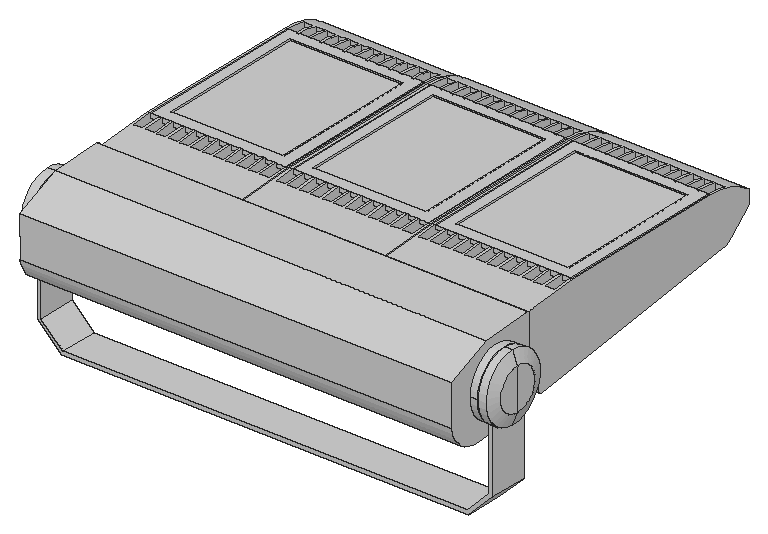
Revit family "0049121 Feilo Sylvania Lighting Fixture SYLVEO LED 20000LM NAR 3K", category Lighting Fixtures, host Face, Revit 2017
Family settings
  Host = Face
  Round Connector Dimension = Use Diameter
  Part Type = Normal
  OmniClass Number = 23.80.70.00
  OmniClass Title = Lighting
  Cut with Voids When Loaded = No
  Light Source = No
  Shared = No
  Room Calculation Point = No
Parameters (values of type "0049121 SYLVEO LED 20000LM NAR 3K")
  Weight = "11.552 kg"
  Wattage Comments = ""
  WarrantyStartDate [instance] = "n/a"
  WarrantyGuarantorParts = "n/a"
  WarrantyDurationUnit = "n/a"
  WarrantyDurationParts = "n/a"
  WarrantyDescription = "n/a"
  Voltage = 230 V
  URL = "http://www.sylvania-lighting.com"
  TypeName = "SYLVEO LED 20000LM NAR 3K"
  TypeBody_FEILO = Sylveo Extra Large Body : 0049121 SYLVEO LED 20000LM NAR 3K
  Type Image = <None>
  Type Comments = "n/a"
  TiltAngle_FEILO [instance] = 0.00°
  StartAngle_FEILO [instance] = EndAngle_FEILO + 180.00°  # 270.00°
  SerialNumber [instance] = "n/a"
  Material_3_FEILO = none
  PowerFactor = 0
  PowerConsumption = "200.6 W"
  NominalLength = 496 mm
  NominalHeight = 392 mm
  NominalDepth = 98 mm
  Name = "SYLVEO LED 20000LM NAR 3K"
  ModelReference = Name  # "SYLVEO LED 20000LM NAR 3K"
  ModelNumber = "0049121"
  Model = Name  # "SYLVEO LED 20000LM NAR 3K"
  Material = "aluminium housing, glass diffuser"
  ManufacturerName = "Feilo Sylvania"
  Manufacturer = "Feilo Sylvania"
  LuminousEfficacy = "103.9 lm/W"
  LuminaireType = ""
  LightOutputRatio = "100"
  LampsType = Lamp  # "LED"
  LampNominalLuminous = "20834 lm"
  LampMacAdamStep = "6"
  LampColourTemperature = "3000 K"
  LampColourRenderingIndex = "70"
  Lamp = "LED"
  Keynote = "16500"
  InstallationDate [instance] = "n/a"
  InputVoltage = "100-240V~"
  InputNominalFrequency = "50 Hz"
  IngressProtection = "IP66"
  ImpactProtectionIndex = "IK08"
  IfcExportType = "IfcLightFixtureType"
  IfcExportAs = "IfcLightFixtureType"
  ExpectedLife = 50000
  EndAngle_FEILO [instance] = -TiltAngle_FEILO + 90.00°  # 90.00°
  ElectricShockClassification = "Class I"
  DurationUnit = "hours"
  DocumentationLiterature = "http://www.sylvania-lighting.com/product/en-int/products/0049121"
  DimmingControlOptions = "Non dimmable"
  Material_2_FEILO = none
  Description = "Exterior LED Floodlight, comes complete with a 1000mm cable and adjustable bracket, aluminium housing, clear glass diffuser, IP66, IK08, Class I, 3000K, Non-dimming, 20834lm, 201W, 104lm/W, 4800mA, CRI70, 30° beam angle, 50000hrs, (LxWxD) 98x496x392mm"
  Default Elevation = 1219.2 mm
  CreatedOn = "1/9/2018"
  CreatedBy = ""
  Cost = 0
  built-in parameter 1114216 [instance] = (empty or 0)
  ClassificationValue = "EF_70_80"
  ClassificationName = "Uniclass2015"
  Material_1_FEILO = Body-Sylvania-Sylveo
  BarCode [instance] = "n/a"
  AssetType = "Fixed"
  AssetIdentifier [instance] = "n/a"
  Assembly Code = "D5020200"
  Apparent Load = 200.6 VA
  Material_4_FEILO = none
Reference planes
  plane 1 "Center (Front/Back)": y = 0
  plane 2: z = 0
  plane 3 "Center (Left/Right)": x = 0
  plane 4: x = 248
  plane 5: x = -248
  plane 6: x = -243
  plane 7: x = 243
  plane 8: z = 121
  plane 9: z = 143
  plane 10: z = 99
  plane 11: z = 156
  plane 12: z = 86
  plane 13: x = -234
  plane 14: x = 234
  plane 15: z = 4
  plane 16: x = -238
  plane 17: x = 238
  plane 18: x = -213
  plane 19: x = 213
  plane 20: z = 25
  plane 21: y = 20
  plane 22: y = -20
Forms (mm)
  Revolve 1, solid, material "Body-Sylvania-Sylveo" <- "Material_1_FEILO"
    sketch origin (0, 0, 0) x (1, 0, 0) y (0, 0, 1)
      loop
        line (-234, 156) -> (-243, 156) -> (-248, 143) -> (-248, 121) -> (-234, 121) -> (-234, 156)
      loop
        line (234, 121) -> (248, 121) -> (248, 143) -> (243, 156) -> (234, 156) -> (234, 121)
      axis (-248, 121) -> (248, 121)
    angle from 360 to 0
  Extrusion 2, solid, material "Body-Sylvania-Sylveo" <- "Material_1_FEILO"
    sketch origin (0, 0, 0) x (1, 0, 0) y (0, 0, 1)
      loop
        line (213, 0) -> (238, 25) -> (238, 121) -> (234, 121) -> (234, 26.657) -> (211.343, 4) -> (-211.343, 4) -> (-234, 26.657) -> (-234, 121) -> (-238, 121) -> (-238, 25) -> (-213, 0) -> (213, 0)
    from -20 to 20
  Revolve 3, solid, not visible
    sketch origin (0, 0, 0) x (1, 0, 0) y (0, 0, 1)
      loop
        line (0, 143) -> (-50.437, 143) -> (-50.437, 121) -> (0, 121) -> (0, 143)
      axis (-50.437, 121) -> (0, 121)
    angle from 270 <- "StartAngle_FEILO" to 90 <- "EndAngle_FEILO"
Cuts and joins
  joined: Revolve 1, Extrusion 2
Dimensions and locks
  locked: plane 8 to plane 2 at 121
  equal spacing: plane 4, plane 3 "Center (Left/Right)", plane 5
  equal spacing: plane 7, plane 3 "Center (Left/Right)", plane 6
  locked: plane 6 to plane 5 at 5
  locked: plane 4 to plane 5 at 496
  equal spacing: plane 9, plane 8, plane 10
  locked: plane 9 to plane 10 at 44
  equal spacing: plane 11, plane 8, plane 12
  locked: plane 11 to plane 9 at 13
  equal spacing: plane 14, plane 3 "Center (Left/Right)", plane 13
  locked: plane 3 "Center (Left/Right)" to plane 13 at 234
  locked: plane 15 to plane 2 at 4
  equal spacing: plane 17, plane 3 "Center (Left/Right)", plane 16
  locked: plane 13 to plane 16 at 4
  locked: plane 20 to plane 2 at 25
  equal spacing: plane 19, plane 3 "Center (Left/Right)", plane 18
  locked: plane 18 to plane 16 at 25
  equal spacing: plane 22, plane 1 "Center (Front/Back)", plane 21
  locked: plane 22 to plane 21 at 40
  aligned and locked: plane 2 to host face
  aligned and locked: level to host face
  aligned and locked: plane 5 to Revolve 1 sketch curve  (x2)
  aligned and locked: Revolve 1 sketch curve to plane 13
  aligned and locked: plane 9 to Revolve 1 sketch curve  (x2)
  aligned and locked: plane 11 to Revolve 1 sketch curve
  aligned and locked: plane 6 to Revolve 1 sketch curve
  aligned and locked: plane 8 to Revolve 1 sketch curve  (x2)
  aligned and locked: plane 14 to Revolve 1 sketch curve
  aligned and locked: Revolve 1 sketch curve to plane 11
  aligned and locked: Revolve 1 sketch curve to plane 4
  aligned and locked: Revolve 1 sketch curve to Revolve 1 sketch curve  (x2)
  aligned and locked: plane 19 to Extrusion 2 sketch curve
  aligned and locked: level to Extrusion 2 sketch curve
  aligned and locked: plane 16 to Extrusion 2 sketch curve
  aligned and locked: plane 17 to Extrusion 2 sketch curve
  aligned and locked: Extrusion 2 sketch curve to plane 8
  aligned and locked: plane 8 to Extrusion 2 sketch curve
  aligned and locked: Extrusion 2 sketch curve to plane 14
  aligned and locked: Extrusion 2 sketch curve to plane 15
  aligned and locked: plane 13 to Extrusion 2 sketch curve
  aligned and locked: Extrusion 2 to plane 21
  aligned and locked: plane 22 to Extrusion 2
  aligned and locked: Revolve 3 sketch curve to plane 8  (x2)
  aligned and locked: plane 9 to Revolve 3 sketch curve
  aligned and locked: plane 3 "Center (Left/Right)" to Revolve 3 sketch curve
  aligned and locked: plane 3 "Center (Left/Right)" to nested 1
Automatic sketch dimensions
  host sketch curve to host sketch curve = 2438.4 mm  (x2)
  Revolve 1 sketch curve to plane 7 = 0 mm
  Revolve 1 sketch curve to plane 5 = 1276 mm
  plane 4 to Revolve 1 sketch curve = 1411.773 mm
  Extrusion 2 sketch curve to plane 18 = 0 mm
  Extrusion 2 sketch curve to plane 20 = 0 mm  (x2)
  plane 18 to Extrusion 2 sketch curve = 1.657 mm
  Extrusion 2 sketch curve to plane 19 = 1.657 mm
  Extrusion 2 sketch curve to plane 20 = 1.657 mm  (x2)
  Revolve 3 sketch curve to plane 3 "Center (Left/Right)" = 50.437 mm
  Revolve 3 sketch curve to plane 5 = 1276 mm
  plane 4 to Revolve 3 sketch curve = 1411.773 mm
Nested families
  nested 1: "Sylveo Extra Large Body" at (0, 0, 121), type <- "TypeBody_FEILO", type "0049121 SYLVEO LED 20000LM NAR 3K"
    with WarrantyStartDate "n/a", SerialNumber "n/a", InstallationDate "n/a", built-in parameter 1114216 (empty or 0), BarCode "n/a", AssetIdentifier "n/a"
Connectors
  electrical at (0, 0, 0), driven by "Apparent Load", driven by "PowerFactor", driven by "Voltage"
    settings: index 1, voltage 230 V, apparent load 200.6 VA, apparent load phase1 0 VA, apparent load phase2 0 VA, apparent load phase3 0 VA, power factor 0, load classification "Lighting", number of poles 1, system type 30, power factor state 1, is connector primary yes, connector utility no, sub classification motor no, connector description ""
Definition of nested family "Sylveo Extra Large Body"
  Parameters (values of type "0049147 SYLVEO LED 20000LM RASYM 4K DALI ")
    Weight = "11.516 kg"
    Wattage Comments = ""
    Wattage = 202 W
    WarrantyStartDate [instance] = "n/a"
    WarrantyGuarantorParts = "n/a"
    WarrantyDurationUnit = "n/a"
    WarrantyDurationParts = "n/a"
    WarrantyDescription = "n/a"
    built-in parameter 1150110 = 1 (stored number, unit not read)
    Voltage = 230 V
    URL = "http://www.feilosylvania.com"
    TypeName = "SYLVEO LED 20000LM RASYM 4K DALI"
    Type Image = (empty or 0)
    Type Comments = "n/a"
    built-in parameter 1114217 = 1 (stored number, unit not read)
    Tilt Angle = -90.00°
    built-in parameter 1150109 = 1 (stored number, unit not read)
    built-in parameter 1150134 = 12
    built-in parameter 1150113 = 1 (stored number, unit not read)
    SerialNumber [instance] = "n/a"
    Photometric Web File = "0049147.ies"
    Material_3_FEILO = none
    PowerFactor = 0.95
    PowerConsumption = "202 W"
    NominalLength = 98 mm
    NominalHeight = 392 mm
    NominalDepth = 496 mm
    Name = "SYLVEO LED 20000LM RASYM 4K DALI"
    ModelReference = Name  # "SYLVEO LED 20000LM RASYM 4K DALI"
    ModelNumber = "0049147"
    Model = Name  # "SYLVEO LED 20000LM RASYM 4K DALI"
    Material = "aluminum housing, glass diffuser"
    ManufacturerName = "Feilo Sylvania"
    Manufacturer = "Feilo Sylvania"
    LuminousEfficacy = "106.6 lm/W"
    built-in parameter 1150105 = 11127.1 (stored number, unit not read)
    Lumens = 21533.2 lm
    LuminaireType = ""
    built-in parameter 1150115 = 1 (stored number, unit not read)
    LightOutputRatio = "1"
    built-in parameter 1150137 = (empty or 0)
    built-in parameter 1150139 = (empty or 0)
    LampsType = Lamp  # "LED"
    LampNominalLuminous = "21542 lm"
    LampMacAdamStep = "6"
    LampColourTemperature = "4000 K"
    LampColourRenderingIndex = "70"
    built-in parameter 1150112 = 1 (stored number, unit not read)
    built-in parameter 1150114 = 1 (stored number, unit not read)
    Lamp = "LED"
    Keynote = "16500"
    InstallationDate [instance] = "n/a"
    InputVoltage = "100-240V~"
    InputNominalFrequency = "50/60 Hz"
    built-in parameter 1150132 = (empty or 0)
    built-in parameter 1150102 = (empty or 0)
    built-in parameter 1150107 = 4000 (stored number, unit not read)
    built-in parameter 1150138 = (empty or 0)
    IngressProtection = "IP66"
    ImpactProtectionIndex = "IK08"
    built-in parameter 1150106 = 111.27 (stored number, unit not read)
    IfcExportType = "IfcLightFixtureType"
    IfcExportAs = "IfcLightFixtureType"
    ExpectedLife = 50000
    Emit from Rectangle Width = 156 mm
    Emit from Rectangle Length = 415.5 mm
    Emit Shape Visible in Rendering = no
    ElectricShockClassification = "Class I"
    built-in parameter 1150104 = 9.9035 (stored number, unit not read)
    DurationUnit = "hours"
    DocumentationLiterature = "http://www.feilosylvania.com/product/en-int/products/0049147"
    DimmingControlOptions = "Dimmable"
    Material_2_FEILO = none
    Dimming Lamp Color Temperature Shift = (empty or 0)
    Description = "Exterior LED floodlight, comes complete with a 1000mm cable and adjustable bracket, aluminium housing, clear glass diffuser, 21542lm, 201W, 107lm/W, 4000K, 5002mA, CRI70, 52°x117° beam angle, DALI dimmable, IP66, IK08, Class I, 50000hrs, (LxWxD) 98x496x392mm"
    Default Elevation = 1219.2 mm
    CreatedOn = "1/9/2018"
    CreatedBy = "aron.fodor@feilosylvania.com"
    Cost = 0
    Color Filter = 16777215
    built-in parameter 1114216 [instance] = (empty or 0)
    ClassificationValue = "EF_70_80"
    ClassificationName = "Uniclass2015"
    Material_1_FEILO = none
    BarCode [instance] = "n/a"
    built-in parameter 1114218 = 1 (stored number, unit not read)
    built-in parameter 1150133 = 10 (stored number, unit not read)
    AssetType = "Fixed"
    AssetIdentifier [instance] = "n/a"
    Assembly Code = "D5020200"
    Apparent Load = 202 VA
    Material_4_FEILO = none
  Types (9, lengths in mm): name | Weight | Wattage | TypeName | built-in parameter 1150134 | Photometric Web File | PowerFactor | PowerConsumption | NominalLength | NominalDepth | Name | ModelReference | ModelNumber | Model | Material | LuminousEfficacy | built-in parameter 1150105 | Lumens | LightOutputRatio | LampNominalLuminous | LampColourTemperature | InputNominalFrequency | built-in parameter 1150107 | built-in parameter 1150106 | built-in parameter 1150104 | DocumentationLiterature | DimmingControlOptions | Description | Apparent Load
    0049147 SYLVEO LED 20000LM RASYM 4K DALI | "11.516 kg" | 202 W | "SYLVEO LED 20000LM RASYM 4K DALI" | 12 | "0049147.ies" | 0.95 | "202 W" | 98 | 496 | "SYLVEO LED 20000LM RASYM 4K DALI" | "SYLVEO LED 20000LM RASYM 4K DALI" | "0049147" | "SYLVEO LED 20000LM RASYM 4K DALI" | "aluminum housing, glass diffuser" | "106.6 lm/W" | 11127.1 (stored number, unit not read) | 21533.2 lm | "1" | "21542 lm" | "4000 K" | "50/60 Hz" | 4000 (stored number, unit not read) | 111.27 (stored number, unit not read) | 9.9035 (stored number, unit not read) | "http://www.feilosylvania.com/product/en-int/products/0049147" | "Dimmable" | "Exterior LED floodlight, comes complete with a 1000mm cable and adjustable bracket, aluminium housing, clear glass diffuser, 21542lm, 201W, 107lm/W, 4000K, 5002mA, CRI70, 52°x117° beam angle, DALI dimmable, IP66, IK08, Class I, 50000hrs, (LxWxD) 98x496x392mm" | 202 VA
    0049146 SYLVEO LED 20000LM WIDE 4K DALI | "11.516 kg" | 200 W | "SYLVEO LED 20000LM WIDE 4K DALI" | 12 | "0049146.ies" | 0.95 | "200 W" | 98 | 496 | "SYLVEO LED 20000LM WIDE 4K DALI" | "SYLVEO LED 20000LM WIDE 4K DALI" | "0049146" | "SYLVEO LED 20000LM WIDE 4K DALI" | "aluminum housing, glass diffuser" | "106.4 lm/W" | 25856.7 (stored number, unit not read) | 21280 lm | "1" | "21281 lm" | "4000 K" | "50/60 Hz" | 4000 (stored number, unit not read) | 258.57 (stored number, unit not read) | 9.8849 (stored number, unit not read) | "http://www.feilosylvania.com/product/en-int/products/0049146" | "Dimmable" | "Exterior LED floodlight, comes complete with a 1000mm cable and adjustable bracket, aluminium housing, clear glass diffuser, 21281lm, 200W, 106lm/W, 4000K, 5002mA, CRI70, 52° beam angle, DALI dimmable, IP66, IK08, Class I, 50000hrs, (LxWxD) 98x496x392mm" | 200 VA
    0049145 SYLVEO LED 20000LM NAR 4K DALI | "11.516 kg" | 201 W | "SYLVEO LED 20000LM NAR 4K DALI" | 12 | "0049145.ies" | 0.95 | "201 W" | 98 | 496 | "SYLVEO LED 20000LM NAR 4K DALI" | "SYLVEO LED 20000LM NAR 4K DALI" | "0049145" | "SYLVEO LED 20000LM NAR 4K DALI" | "aluminum housing, glass diffuser" | "107.5 lm/W" | 50417.9 (stored number, unit not read) | 21607.5 lm | "1" | "21605 lm" | "4000 K" | "50/60 Hz" | 4000 (stored number, unit not read) | 504.18 (stored number, unit not read) | 9.9871 (stored number, unit not read) | "http://www.feilosylvania.com/product/en-int/products/0049145" | "Dimmable" | "Exterior LED floodlight, comes complete with a 1000mm cable and adjustable bracket, aluminium housing, clear glass diffuser, 21605lm, 201W, 108lm/W, 4000K, 5002mA, CRI70, 30° beam angle, DALI dimmable, IP66, IK08, Class I, 50000hrs, (LxWxD) 98x496x392mm" | 201 VA
    0049123 SYLVEO LED 20000LM RASYM 3K | "11.516 kg" | 201.3 W | "SYLVEO LED 20000LM RASYM 3K" | (empty or 0) | "0049123.ies" | 0 | "201.3 W" | 496 | 98 | "SYLVEO LED 20000LM RASYM 3K" | "SYLVEO LED 20000LM RASYM 3K" | "0049123" | "SYLVEO LED 20000LM RASYM 3K" | "aluminium housing, glass diffuser" | "102.5 lm/W" | 10660.6 (stored number, unit not read) | 20633.3 lm | "100" | "20639 lm" | "3000 K" | "50 Hz" | 3000 (stored number, unit not read) | 106.61 (stored number, unit not read) | 9.5226 (stored number, unit not read) | "http://www.feilosylvania.com/product/en-int/products/0049123" | "Non dimmable" | "Exterior LED Floodlight, comes complete with a 1000mm cable and adjustable bracket, aluminium housing, clear glass diffuser, IP66, IK08, Class I, 3000K, Non-dimming, 20639lm, 201W, 103lm/W, 4800mA, CRI70, 52°x117° beam angle, 50000hrs, (LxWxD) 98x496x392mm, Asmmetric" | 201.3 VA
    0049122 SYLVEO LED 20000LM WIDE 3K | "11.5 kg" | 201.3 W | "SYLVEO LED 20000LM WIDE 3K" | (empty or 0) | "0049122.ies" | 0 | "201.3 W" | 496 | 98 | "SYLVEO LED 20000LM WIDE 3K" | "SYLVEO LED 20000LM WIDE 3K" | "0049122" | "SYLVEO LED 20000LM WIDE 3K" | "aluminium housing, glass diffuser" | "102.5 lm/W" | 25192 (stored number, unit not read) | 20633.3 lm | "100" | "20633 lm" | "3000 K" | "50 Hz" | 3000 (stored number, unit not read) | 251.92 (stored number, unit not read) | 9.5226 (stored number, unit not read) | "http://www.feilosylvania.com/product/en-int/products/0049122" | "Non dimmable" | "Exterior LED Floodlight, comes complete with a 1000mm cable and adjustable bracket, aluminium housing, clear glass diffuser, IP66, IK08, Class I, 3000K, Non-dimming, 20633lm, 201W, 103lm/W, 4800mA, CRI70, 52° beam angle, 50000hrs, (LxWxD) 98x496x392mm" | 201.3 VA
    0049121 SYLVEO LED 20000LM NAR 3K | "11.552 kg" | 200.6 W | "SYLVEO LED 20000LM NAR 3K" | (empty or 0) | "0049121.ies" | 0 | "200.6 W" | 496 | 98 | "SYLVEO LED 20000LM NAR 3K" | "SYLVEO LED 20000LM NAR 3K" | "0049121" | "SYLVEO LED 20000LM NAR 3K" | "aluminium housing, glass diffuser" | "103.9 lm/W" | 50639 (stored number, unit not read) | 20842.3 lm | "100" | "20834 lm" | "3000 K" | "50 Hz" | 3000 (stored number, unit not read) | 506.39 (stored number, unit not read) | 9.6526 (stored number, unit not read) | "http://www.feilosylvania.com/product/en-int/products/0049121" | "Non dimmable" | "Exterior LED Floodlight, comes complete with a 1000mm cable and adjustable bracket, aluminium housing, clear glass diffuser, IP66, IK08, Class I, 3000K, Non-dimming, 20834lm, 201W, 104lm/W, 4800mA, CRI70, 30° beam angle, 50000hrs, (LxWxD) 98x496x392mm" | 200.6 VA
    0049120 SYLVEO LED 20000LM RASYM 4K | "11.318 kg" | 200.6 W | "SYLVEO LED 20000LM RASYM 4K" | 12 | "0049120.ies" | 0 | "200.6 W" | 496 | 98 | "SYLVEO LED 20000LM RASYM 4K" | "SYLVEO LED 20000LM RASYM 4K" | "0049120" | "SYLVEO LED 20000LM RASYM 4K" | "aluminium housing, glass diffuser" | "107.4 lm/W" | 11131.4 (stored number, unit not read) | 21544.4 lm | "100" | "21546 lm" | "4000 K" | "50 Hz" | 4000 (stored number, unit not read) | 111.31 (stored number, unit not read) | 9.9778 (stored number, unit not read) | "http://www.feilosylvania.com/product/en-int/products/0049120" | "Non dimmable" | "Exterior LED Floodlight, comes complete with a 1000mm cable and adjustable bracket, aluminium housing, clear glass diffuser, IP66, IK08, Class I, 4000K, Non-dimming, 21546lm, 201W, 107lm/W, 4800mA, CRI70, 52°x117° beam angle, 50000hrs, (LxWxD) 98x496x392mm" | 200.6 VA
    0049119 SYLVEO LED 20000LM WIDE 4K | "11.472 kg" | 200.5 W | "SYLVEO LED 20000LM WIDE 4K" | 12 | "0049119.ies" | 0 | "200.5 W" | 496 | 98 | "SYLVEO LED 20000LM WIDE 4K" | "SYLVEO LED 20000LM WIDE 4K" | "0049119" | "SYLVEO LED 20000LM WIDE 4K" | "aluminium housing, glass diffuser" | "107.3 lm/W" | 27146.8 (stored number, unit not read) | 21513.6 lm | "100" | "21514 lm" | "4000 K" | "50 Hz" | 4000 (stored number, unit not read) | 271.47 (stored number, unit not read) | 9.9685 (stored number, unit not read) | "http://www.feilosylvania.com/product/en-int/products/0049119" | "Non dimmable" | "Exterior LED Floodlight, comes complete with a 1000mm cable and adjustable bracket, aluminium housing, clear glass diffuser, IP66, IK08, Class I, 4000K, Non-dimming, 21514lm, 201W, 107lm/W, 4800mA, CRI70, 52° beam angle, 50000hrs, (LxWxD) 98x496x392mm" | 200.5 VA
    0049118 SYLVEO LED 20000LM NAR 4K | "11.496 kg" | 201.2 W | "SYLVEO LED 20000LM NAR 4K" | 12 | "0049118.ies" | 0 | "201.2 W" | 496 | 98 | "SYLVEO LED 20000LM NAR 4K" | "SYLVEO LED 20000LM NAR 4K" | "0049118" | "SYLVEO LED 20000LM NAR 4K" | "aluminium housing, glass diffuser" | "107.4 lm/W" | 52850.4 (stored number, unit not read) | 21608.9 lm | "100" | "21609 lm" | "4000 K" | "50 Hz" | 4000 (stored number, unit not read) | 528.5 (stored number, unit not read) | 9.9778 (stored number, unit not read) | "http://www.feilosylvania.com/product/en-int/products/0049118" | "Non dimmable" | "Exterior LED Floodlight, comes complete with a 1000mm cable and adjustable bracket, aluminium housing, clear glass diffuser, IP66, IK08, Class I, 4000K, Non-dimming, 21609lm, 201W, 107lm/W, 4000K, 4800mA, CRI70, 30° beam angle, 50000hrs, (LxWxD) 98x496x392mm" | 201.2 VA
  Reference planes
    plane 1 "Center (Front/Back)": y = 0
    plane 2: z = 0
    plane 3 "Center (Left/Right)": x = 0
    plane 4: x = 248
    plane 5: x = -248
    plane 6: x = 225.5
    plane 7: x = -225.5
    plane 8: y = 35
    plane 9: x = -234
    plane 10: x = 234
    plane 11: y = 43
    plane 12: y = -12
    plane 13: y = -58
    plane 14: z = 46
    plane 15: z = 43
    plane 16: z = 23
    plane 17: z = -20
    plane 18: y = -23
    plane 19: z = -40
    plane 20: z = -47
    plane 21: x = -149
    plane 22: x = 149
  Forms (mm)
    Extrusion 1, solid
      sketch origin (4.2, 0, 0) x (1, 0, 0) y (0, 1, 0)
        loop
          line (-1219.2, 1219.2) -> (-1219.2, -1219.2) -> (1219.2, -1219.2) -> (1219.2, 1219.2) -> (-1219.2, 1219.2)
      from 0 to -68.017
    Extrusion 2, solid, material <- "Material_1_FEILO"
      sketch origin (0, 0, 0) x (0, 1, 0) y (0, 0, 1)
        loop
          line (41.418, 45.914) -> (-12, 43)
          arc (-12, 43) -> (-35.432, 33.994) -> (-58, 23) r 290.694
          line (-58, 23) -> (-58, -20)
          arc (-58, -20) -> (-45.914, -40.518) -> (-23, -47) r 31.99
          line (-23, -47) -> (40.738, -40.24)
          arc (40.738, -40.24) -> (42.351, -39.416) -> (43, -37.725) r 2.529
          line (43, -37.725) -> (43, 44.416)
          arc (43, 44.416) -> (42.531, 45.505) -> (41.418, 45.914) r 1.5
      from -225.5 to 225.5
    Revolve 3, solid, material <- "Material_1_FEILO"
      sketch origin (0, 0, 0) x (1, 0, 0) y (0, 1, 0)
        loop
          line (-234, 35) -> (-234, 0) -> (-225.5, 0) -> (-225.5, 35) -> (-234, 35)
        loop
          line (234, 0) -> (234, 35) -> (225.5, 35) -> (225.5, 0) -> (234, 0)
        axis (234, 0) -> (-234, 0)
      angle from 360 to 0
  Cuts and joins
    joined: Extrusion 2, Revolve 3
  Dimensions and locks
    equal spacing: plane 5, plane 3 "Center (Left/Right)", plane 4
    locked: plane 5 to plane 4 at 496
    equal spacing: plane 7, plane 3 "Center (Left/Right)", plane 6
    locked: plane 5 to plane 7 at 22.5
    plane 1 "Center (Front/Back)" to plane 8 = 35 mm
    equal spacing: plane 9, plane 3 "Center (Left/Right)", plane 10
    locked: plane 9 to plane 10 at 468
    plane 13 to plane 18 to plane 12 to plane 1 "Center (Front/Back)" to plane 8 to plane 11 = 35 mm locked, 11 mm locked, 12 mm locked, 35 mm locked, 8 mm locked
    plane 14 to plane 15 to plane 16 to plane 2 to plane 17 to plane 19 = 3 mm locked, 20 mm locked, 23 mm locked, 20 mm locked, 20 mm locked
    locked: plane 20 to plane 19 at 7
    equal spacing: plane 21, plane 3 "Center (Left/Right)", plane 22
    locked: plane 21 to plane 3 "Center (Left/Right)" at 149
    aligned and locked: plane 2 to Extrusion 1
    aligned and locked: level to Extrusion 1
    aligned and locked: Extrusion 2 sketch curve to plane 11
    aligned and locked: plane 13 to Extrusion 2 sketch curve
    aligned and locked: plane 6 to Extrusion 2
    aligned and locked: Extrusion 2 to plane 7
    aligned and locked: plane 8 to Revolve 3 sketch curve  (x2)
    aligned and locked: plane 9 to Revolve 3 sketch curve
    aligned and locked: Revolve 3 sketch curve to plane 1 "Center (Front/Back)"  (x3)
    aligned and locked: Revolve 3 sketch curve to plane 7
    aligned and locked: Revolve 3 sketch curve to plane 10
    aligned and locked: plane 6 to Revolve 3 sketch curve
    aligned and locked: plane 2 to nested 1
    aligned and locked: plane 3 "Center (Left/Right)" to nested 1
    aligned and locked: plane 21 to nested 3
    aligned and locked: plane 22 to nested 2
    aligned and locked: plane 2 to nested 2
    aligned and locked: plane 2 to nested 3
    aligned and locked: imposter light to nested 2
    aligned and locked: imposter light to nested 1
    aligned and locked: imposter light to plane 3 "Center (Left/Right)"
  Automatic sketch dimensions
    Extrusion 1 sketch curve to Extrusion 1 sketch curve = 2438.4 mm  (x2)
    Extrusion 2 sketch curve to plane 18 = 0 mm
    Extrusion 2 sketch curve to plane 12 = 0 mm
    plane 20 to Extrusion 2 sketch curve = 0 mm
    plane 17 to Extrusion 2 sketch curve = 0 mm
    plane 16 to Extrusion 2 sketch curve = 0 mm
    plane 15 to Extrusion 2 sketch curve = 0 mm
    plane 18 to Extrusion 2 sketch curve = 3.374 mm
    Extrusion 2 sketch curve to Extrusion 2 sketch curve = 2.529 mm
    plane 19 to Extrusion 2 sketch curve = 0.24 mm
    plane 11 to Extrusion 2 sketch curve = 2.262 mm
    plane 14 to Extrusion 2 sketch curve = 0.086 mm
    plane 11 to Extrusion 2 sketch curve = 1.582 mm
    Extrusion 2 sketch curve to plane 15 = 1.416 mm
    Extrusion 2 sketch curve to plane 11 = 37.475 mm
    Revolve 3 sketch curve to plane 5 = 1276 mm
    plane 4 to Revolve 3 sketch curve = 1276 mm
  Nested families
    nested 1: "Sylveo Extra Large Screen Module" at (0, 43, 48) x (1, 0, 0) z (0, 1, 0), type "Type Name"
    nested 2: "Sylveo Extra Large Screen Module" at (149, 43, 48) x (1, 0, 0) z (0, 1, 0), type "Type Name"
    nested 3: "Sylveo Extra Large Screen Module" at (-149, 43, 48) x (1, 0, 0) z (0, 1, 0), type "Type Name"
  Definition of nested family "Sylveo Extra Large Screen Module"
    Parameters (values of type "Type Name")
      URL = "http://www.feilosylvania.com"
      Type Image = (empty or 0)
      Type Comments = "n/a"
      Material_3_FEILO = none
      Model = ""
      Manufacturer = "Feilo Sylvania"
      Keynote = ""
      Material_2_FEILO = none
      Description = ""
      Default Elevation = 1219.2 mm
      Cost = 0
      Material_1_FEILO = none
      Assembly Code = ""
      Material_4_FEILO = none
    Reference planes
      plane 1 "Center (Front/Back)": y = 0
      plane 2: z = 0
      plane 3 "Center (Left/Right)": x = 0
      plane 4: x = 73.5
      plane 5: x = -73.5
      plane 6: z = 290
      plane 7: z = 262.5
      plane 8: z = 241.5
      plane 9: z = 229.5
      plane 10: x = -71
      plane 11: x = 71
      plane 12: x = -59
      plane 13: x = 59
      plane 14: z = 61.5
      plane 15: z = 73.5
      plane 16: y = 16
      plane 17: y = 31
      plane 18: y = 56
      plane 19: y = 88
      plane 20: z = 16
      plane 21: z = 6
      plane 22: y = 4
      plane 23: x = -61.5
      plane 24: x = -49.5
      plane 25: x = -47
      plane 26: x = -37.5
      plane 27: x = -35
      plane 28: x = -25.5
      plane 29: x = -23
      plane 30: x = -13.5
      plane 31: x = -11
      plane 32: x = -1.5
      plane 33: x = 1
      plane 34: x = 10.5
      plane 35: x = 13
      plane 36: x = 22.5
      plane 37: x = 25
      plane 38: x = 34.5
      plane 39: x = 37
      plane 40: x = 46.5
      plane 41: x = 49
      plane 42: x = 58.5
      plane 43: x = 61
      plane 44: z = 40.5
      plane 45: y = 92
      plane 46: y = 48
      plane 47: z = 30.5
      plane 48: y = 1
      plane 49: z = 151.5
    Forms (mm)
      Extrusion 1, solid
        sketch origin (4.2, 0, 0) x (1, 0, 0) y (0, 1, 0)
          loop
            line (-1219.2, 1219.2) -> (-1219.2, -1219.2) -> (1219.2, -1219.2) -> (1219.2, 1219.2) -> (-1219.2, 1219.2)
        from 0 to -68.017
      Extrusion 2, solid, material <- "Material_1_FEILO", detail levels medium+fine
        sketch origin (0, 0, 0) x (0, 1, 0) y (0, 0, 1)
          loop
            line (0, 241.5) -> (0, 61.5) -> (4, 0) -> (88, 0) -> (88, 5)
            arc (88, 5) -> (87.707, 5.707) -> (87, 6) r 1
            line (87, 6) -> (58, 6)
            arc (58, 6) -> (56.586, 6.586) -> (56, 8) r 2
            line (56, 8) -> (56, 14)
            arc (56, 14) -> (56.586, 15.414) -> (58, 16) r 2
            line (58, 16) -> (82.836, 16)
            arc (82.836, 16) -> (86.711, 17.379) -> (88.136, 21.237) r 4.853
            arc (88.136, 21.237) -> (75.429, 138.984) -> (57.18, 256.001) r 2509.59
            arc (57.18, 256.001) -> (55.179, 262.077) -> (51.577, 267.365) r 22.945
            line (51.577, 267.365) -> (31, 290) -> (16, 290)
            arc (16, 290) -> (4.103, 267.036) -> (0, 241.5) r 81.508
        from -73.5 to 73.5
      Extrusion 3, void
        sketch origin (0, 0, 0) x (1, 0, 0) y (0, 0, 1)
          loop
            line (-71, 262.5) -> (-71, 40.5) -> (-61.5, 40.5) -> (-61.5, 262.5) -> (-71, 262.5)
          loop
            line (-59, 262.5) -> (-59, 40.5) -> (-49.5, 40.5) -> (-49.5, 262.5) -> (-59, 262.5)
          loop
            line (-47, 262.5) -> (-47, 40.5) -> (-37.5, 40.5) -> (-37.5, 262.5) -> (-47, 262.5)
          loop
            line (-35, 262.5) -> (-35, 40.5) -> (-25.5, 40.5) -> (-25.5, 262.5) -> (-35, 262.5)
          loop
            line (-23, 262.5) -> (-23, 40.5) -> (-13.5, 40.5) -> (-13.5, 262.5) -> (-23, 262.5)
          loop
            line (-11, 262.5) -> (-11, 40.5) -> (-1.5, 40.5) -> (-1.5, 262.5) -> (-11, 262.5)
          loop
            line (1, 262.5) -> (1, 40.5) -> (10.5, 40.5) -> (10.5, 262.5) -> (1, 262.5)
          loop
            line (13, 262.5) -> (13, 40.5) -> (22.5, 40.5) -> (22.5, 262.5) -> (13, 262.5)
          loop
            line (25, 262.5) -> (25, 40.5) -> (34.5, 40.5) -> (34.5, 262.5) -> (25, 262.5)
          loop
            line (37, 262.5) -> (37, 40.5) -> (46.5, 40.5) -> (46.5, 262.5) -> (37, 262.5)
          loop
            line (49, 262.5) -> (49, 40.5) -> (58.5, 40.5) -> (58.5, 262.5) -> (49, 262.5)
          loop
            line (61, 262.5) -> (61, 40.5) -> (71, 40.5) -> (71, 262.5) -> (61, 262.5)
        from -88 to 0
      Extrusion 4, void
        sketch origin (0, 0, 0) x (0, 1, 0) y (0, 0, 1)
          loop
            line (83.385, 40.5) -> (48, 40.5) -> (48, 6) -> (92, 6) -> (92, 43.121) -> (85.747, 43.121)
            arc (85.747, 43.121) -> (85.149, 41.285) -> (83.385, 40.5) r 2.374
        from -71 to 71
      Extrusion 5, solid, material <- "Material_1_FEILO", detail levels coarse
        sketch origin (0, 0, 0) x (0, 1, 0) y (0, 0, 1)
          loop
            line (51.577, 267.365) -> (31, 290) -> (16, 290)
            arc (16, 290) -> (4.103, 267.036) -> (0, 241.5) r 81.508
            line (0, 241.5) -> (0, 61.5) -> (4, 0) -> (88, 0) -> (88, 5)
            arc (88, 5) -> (87.707, 5.707) -> (87, 6) r 1
            line (87, 6) -> (58, 6)
            arc (58, 6) -> (56.586, 6.586) -> (56, 8) r 2
            line (56, 8) -> (56, 14)
            arc (56, 14) -> (56.586, 15.414) -> (58, 16) r 2
            line (58, 16) -> (82.836, 16)
            arc (82.836, 16) -> (86.711, 17.379) -> (88.136, 21.237) r 4.853
            arc (88.136, 21.237) -> (75.429, 138.984) -> (57.18, 256.001) r 2509.59
            arc (57.18, 256.001) -> (55.179, 262.077) -> (51.577, 267.365) r 22.945
        from -73.5 to 73.5
      Extrusion 6, void
        sketch origin (0, 0, 0) x (1, 0, 0) y (0, 0, 1)
          loop
            line (-71, 241.5) -> (-71, 61.5) -> (71, 61.5) -> (71, 241.5) -> (-71, 241.5)
        from 0 to -4
      Extrusion 7, solid, material <- "Material_1_FEILO"
        sketch origin (0, 0, 0) x (1, 0, 0) y (0, 0, 1)
          loop
            line (-71, 241.5) -> (-71, 61.5) -> (71, 61.5) -> (71, 241.5) -> (-71, 241.5)
          loop
            line (-59, 229.5) -> (-59, 73.5) -> (58.5, 73.5) -> (58.5, 229.5) -> (-59, 229.5)
        from -4 to 0
      Extrusion 8, solid, material <- "Material_2_FEILO"
        sketch origin (0, 0, 0) x (1, 0, 0) y (0, 0, 1)
          loop
            line (-59, 229.5) -> (-59, 73.5) -> (58.5, 73.5) -> (58.5, 229.5) -> (-59, 229.5)
        from -1 to -4
    Cuts and joins
      Extrusion 3, Extrusion 4, Extrusion 6 cuts Extrusion 2
      Extrusion 4, Extrusion 6 cuts Extrusion 5
    Dimensions and locks
      plane 1 "Center (Front/Back)" to plane 16 to plane 17 to plane 18 to plane 19 = 16 mm locked, 15 mm locked, 25 mm locked, 32 mm locked
      plane 7 to plane 8 to plane 9 to plane 15 to plane 14 to plane 20 to plane 21 to plane 2 = 21 mm locked, 12 mm locked, 156 mm locked, 12 mm locked, 45.5 mm locked, 10 mm locked, 6 mm locked
      locked: plane 1 "Center (Front/Back)" to plane 22 at 4
      equal spacing: plane 4, plane 3 "Center (Left/Right)", plane 5
      locked: plane 4 to plane 5 at 147
      plane 11 to plane 43 to plane 42 to plane 41 to plane 40 to plane 39 to plane 38 to plane 37 to plane 36 to plane 35 to plane 34 to plane 33 to plane 32 to plane 31 to plane 30 to plane 29 to plane 28 to plane 27 to plane 26 to plane 25 to plane 24 to plane 12 to plane 23 to plane 10 to plane 5 = 10 mm locked, 2.5 mm locked, 9.5 mm locked, 2.5 mm locked, 9.5 mm locked, 2.5 mm locked, 9.5 mm locked, 2.5 mm locked, 9.5 mm locked, 2.5 mm locked, 9.5 mm locked, 2.5 mm locked, 9.5 mm locked, 2.5 mm locked, 9.5 mm locked, 2.5 mm locked, 9.5 mm locked, 2.5 mm locked, 9.5 mm locked, 2.5 mm locked, 9.5 mm locked, 2.5 mm locked, 9.5 mm locked, 2.5 mm locked
      plane 6 to plane 2 = 290 mm
      plane 6 to plane 7 = 27.5 mm
      plane 7 to plane 8 = 21 mm
      plane 8 to plane 9 = 12 mm
      plane 8 to plane 14 = 180 mm
      plane 15 to plane 14 = 12 mm
      locked: plane 14 to plane 44 at 21
      locked: plane 19 to plane 45 at 4
      locked: plane 46 to plane 18 at 8
      locked: plane 20 to plane 47 at 14.5
      locked: plane 1 "Center (Front/Back)" to plane 48 at 1
      equal spacing: plane 9, plane 49, plane 15
      aligned and locked: plane 2 to Extrusion 1
      aligned and locked: level to Extrusion 1
      aligned and locked: plane 1 "Center (Front/Back)" to Extrusion 2 sketch curve  (x2)
      aligned and locked: plane 16 to Extrusion 2 sketch curve
      aligned and locked: plane 6 to Extrusion 2 sketch curve  (x2)
      aligned and locked: plane 17 to Extrusion 2 sketch curve
      aligned and locked: plane 20 to Extrusion 2 sketch curve
      aligned and locked: Extrusion 2 sketch curve to plane 18
      aligned and locked: Extrusion 2 sketch curve to plane 21
      aligned and locked: Extrusion 2 sketch curve to plane 19
      aligned and locked: Extrusion 2 sketch curve to plane 2
      aligned and locked: plane 22 to Extrusion 2 sketch curve
      aligned and locked: plane 14 to Extrusion 2 sketch curve
      aligned and locked: Extrusion 2 to plane 5
      aligned and locked: plane 7 to Extrusion 3 sketch curve  (x12)
      aligned and locked: plane 10 to Extrusion 3 sketch curve
      aligned and locked: Extrusion 3 sketch curve to plane 44  (x12)
      aligned and locked: Extrusion 3 sketch curve to plane 23
      aligned and locked: plane 12 to Extrusion 3 sketch curve
      aligned and locked: Extrusion 3 sketch curve to plane 24
      aligned and locked: plane 25 to Extrusion 3 sketch curve
      aligned and locked: Extrusion 3 sketch curve to plane 26
      aligned and locked: plane 27 to Extrusion 3 sketch curve
      aligned and locked: Extrusion 3 sketch curve to plane 28
      aligned and locked: plane 29 to Extrusion 3 sketch curve
      aligned and locked: Extrusion 3 sketch curve to plane 30
      aligned and locked: plane 31 to Extrusion 3 sketch curve
      aligned and locked: Extrusion 3 sketch curve to plane 32
      aligned and locked: Extrusion 3 sketch curve to plane 34
      aligned and locked: plane 33 to Extrusion 3 sketch curve
      aligned and locked: plane 35 to Extrusion 3 sketch curve
      aligned and locked: Extrusion 3 sketch curve to plane 36
      aligned and locked: plane 37 to Extrusion 3 sketch curve
      aligned and locked: Extrusion 3 sketch curve to plane 38
      aligned and locked: plane 39 to Extrusion 3 sketch curve
      aligned and locked: Extrusion 3 sketch curve to plane 40
      aligned and locked: plane 41 to Extrusion 3 sketch curve
      aligned and locked: Extrusion 3 sketch curve to plane 42
      aligned and locked: plane 43 to Extrusion 3 sketch curve
      aligned and locked: Extrusion 3 sketch curve to plane 11
      aligned and locked: Extrusion 3 to plane 19
      aligned and locked: plane 1 "Center (Front/Back)" to Extrusion 3
      aligned and locked: Extrusion 4 sketch curve to plane 44
      aligned and locked: plane 21 to Extrusion 4 sketch curve
      aligned and locked: Extrusion 4 sketch curve to plane 45
      aligned and locked: Extrusion 4 to plane 10
      aligned and locked: plane 11 to Extrusion 4
      aligned and locked: plane 46 to Extrusion 4 sketch curve
      aligned and locked: Extrusion 5 sketch curve to cut or joined group of Extrusion 2, Extrusion 3, Extrusion 4, Extrusion 6  (x9)
      aligned and locked: plane 4 to Extrusion 5
      aligned and locked: Extrusion 5 to plane 5
      aligned and locked: Extrusion 6 to plane 22
      aligned and locked: plane 1 "Center (Front/Back)" to Extrusion 6
      aligned and locked: Extrusion 7 sketch curve to cut or joined group of Extrusion 4, Extrusion 5, Extrusion 6  (x2)
      aligned and locked: Extrusion 7 sketch curve to cut or joined group of Extrusion 2, Extrusion 3, Extrusion 4, Extrusion 6  (x2)
      aligned and locked: plane 9 to Extrusion 7 sketch curve
      aligned and locked: Extrusion 7 sketch curve to plane 15
      aligned and locked: Extrusion 7 sketch curve to plane 42
      aligned and locked: plane 1 "Center (Front/Back)" to Extrusion 7
      aligned and locked: Extrusion 7 to plane 22
      aligned and locked: Extrusion 8 sketch curve to Extrusion 7  (x4)
      aligned and locked: Extrusion 8 to plane 22
      aligned and locked: plane 48 to Extrusion 8
    Automatic sketch dimensions
      Extrusion 1 sketch curve to Extrusion 1 sketch curve = 2438.4 mm  (x2)
      plane 8 to Extrusion 2 sketch curve = 0 mm
      Extrusion 2 sketch curve to level = 189.095 mm
      plane 1 "Center (Front/Back)" to Extrusion 2 sketch curve = 2412.624 mm
      Extrusion 2 sketch curve to plane 17 = 3.599 mm
      plane 18 to Extrusion 2 sketch curve = 4.423 mm
      Extrusion 2 sketch curve to Extrusion 2 sketch curve = 2 mm
      Extrusion 2 sketch curve to plane 18 = 2 mm
      plane 19 to Extrusion 2 sketch curve = 5.164 mm
      plane 19 to Extrusion 2 sketch curve = 4.699 mm
      Extrusion 2 sketch curve to Extrusion 2 sketch curve = 1 mm
      Extrusion 2 sketch curve to plane 20 = 4.831 mm
      Extrusion 2 sketch curve to plane 8 = 10.431 mm
      Extrusion 2 sketch curve to plane 7 = 4.865 mm
      Extrusion 2 sketch curve to Extrusion 2 sketch curve = 0 mm
      plane 19 to Extrusion 4 sketch curve = 4.615 mm
      plane 19 to Extrusion 4 sketch curve = 2.253 mm
      Extrusion 4 sketch curve to Extrusion 4 sketch curve = 2.374 mm
      Extrusion 5 sketch curve to level = 0 mm
      Extrusion 5 sketch curve to plane 22 = 0 mm
      plane 14 to Extrusion 5 sketch curve = 0 mm
      Extrusion 5 sketch curve to plane 46 = 3.577 mm
      Extrusion 5 sketch curve to plane 17 = 0 mm
      Extrusion 6 sketch curve to plane 10 = 0 mm
      Extrusion 6 sketch curve to plane 11 = 0 mm
      Extrusion 6 sketch curve to plane 14 = 0 mm
      Extrusion 6 sketch curve to plane 8 = 0 mm
      Extrusion 7 sketch curve to plane 12 = 0 mm
